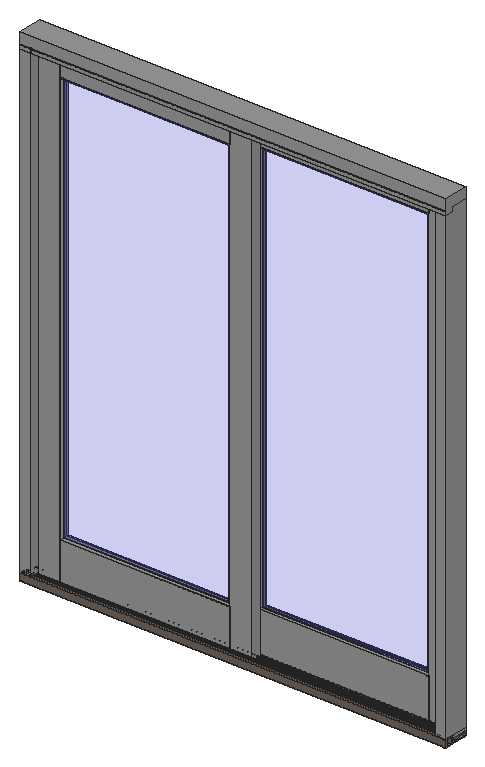
Revit family "VSDA1.8 RH", category Doors, host Wall, Revit 2015
Parameters (values of type "VSDA1.8 RH")
  Function = Interior
  Frame Projection Ext. = 25 mm
  Frame Projection Int. = 25 mm
  Frame Width = 75 mm
  Height = 2100 mm
  Wall Closure = By host
  Width = 1820 mm
Reference planes
  plane 1: y = 0
  plane 2 "Center (Left/Right)": x = 0
  plane 3 "Left": x = -910
  plane 4 "Right": x = 910
  plane 5: z = 2100
  plane 6 "Exterior": y = 75
  plane 7 "Interior": y = -75
Forms (mm)
  Extrusion 1, solid, material "Aluminium Cill (Bronze)"
    sketch origin (0, 79.18, -119.746) x (0, 1, 0) y (0, 0, 1)
      loop
        line (-26.68, 120.746) -> (-26.68, 135.746)
        arc (-26.68, 135.746) -> (-27.558, 137.867) -> (-29.68, 138.746) r 3
        line (-29.68, 138.746) -> (-40.947, 138.746)
        arc (-40.947, 138.746) -> (-42.68, 137.746) -> (-44.412, 138.746) r 2
        line (-44.412, 138.746) -> (-48.947, 138.746)
        arc (-48.947, 138.746) -> (-50.68, 137.746) -> (-52.412, 138.746) r 2
        line (-52.412, 138.746) -> (-56.947, 138.746)
        arc (-56.947, 138.746) -> (-58.68, 137.746) -> (-60.412, 138.746) r 2
        line (-60.412, 138.746) -> (-67.18, 138.746) -> (-67.18, 135.246)
        arc (-67.18, 135.246) -> (-67.619, 134.185) -> (-68.68, 133.746) r 1.5
        line (-68.68, 133.746) -> (-73.43, 133.746) -> (-73.43, 135.746) -> (-71.996, 135.746)
        arc (-71.996, 135.746) -> (-74.68, 138.746) -> (-77.363, 135.746) r 2.7
        line (-77.363, 135.746) -> (-75.93, 135.746) -> (-75.93, 133.746) -> (-80.68, 133.746)
        arc (-80.68, 133.746) -> (-81.74, 134.185) -> (-82.18, 135.246) r 1.5
        line (-82.18, 135.246) -> (-82.18, 138.746) -> (-90.432, 138.746) -> (-98.68, 138.746) -> (-98.68, 143.746)
        arc (-98.68, 143.746) -> (-99.18, 144.246) -> (-99.68, 143.746) r 0.5
        line (-99.68, 143.746) -> (-99.68, 142.734) -> (-100.88, 142.734) -> (-100.88, 150.246) -> (-99.68, 150.246) -> (-99.68, 149.246)
        arc (-99.68, 149.246) -> (-99.18, 148.746) -> (-98.68, 149.246) r 0.5
        line (-98.68, 149.246) -> (-98.68, 150.746)
        arc (-98.68, 150.746) -> (-98.972, 151.453) -> (-99.68, 151.746) r 1
        line (-99.68, 151.746) -> (-109.447, 151.746)
        arc (-109.447, 151.746) -> (-111.18, 150.746) -> (-112.912, 151.746) r 2
        line (-112.912, 151.746) -> (-117.447, 151.746)
        arc (-117.447, 151.746) -> (-119.18, 150.746) -> (-120.912, 151.746) r 2
        line (-120.912, 151.746) -> (-130.68, 151.746)
        arc (-130.68, 151.746) -> (-131.387, 151.453) -> (-131.68, 150.746) r 1
        line (-131.68, 150.746) -> (-131.68, 120.746)
        arc (-131.68, 120.746) -> (-131.387, 120.039) -> (-130.68, 119.746) r 1
        line (-130.68, 119.746) -> (-27.68, 119.746)
        arc (-27.68, 119.746) -> (-26.972, 120.039) -> (-26.68, 120.746) r 1
      loop
        line (-29.68, 137.246) -> (-40.23, 137.246)
        arc (-40.23, 137.246) -> (-42.68, 136.246) -> (-45.129, 137.246) r 3.5
        line (-45.129, 137.246) -> (-48.23, 137.246)
        arc (-48.23, 137.246) -> (-50.68, 136.246) -> (-53.129, 137.246) r 3.5
        line (-53.129, 137.246) -> (-56.23, 137.246)
        arc (-56.23, 137.246) -> (-58.68, 136.246) -> (-61.129, 137.246) r 3.5
        line (-61.129, 137.246) -> (-65.68, 137.246) -> (-65.68, 135.246)
        arc (-65.68, 135.246) -> (-66.558, 133.125) -> (-68.68, 132.246) r 3
        line (-68.68, 132.246) -> (-73.93, 132.246) -> (-73.93, 121.246) -> (-28.18, 121.246) -> (-28.18, 135.746)
        arc (-28.18, 135.746) -> (-28.619, 136.807) -> (-29.68, 137.246) r 1.5
      loop
        line (-75.43, 132.246) -> (-80.68, 132.246)
        arc (-80.68, 132.246) -> (-82.801, 133.125) -> (-83.68, 135.246) r 3
        line (-83.68, 135.246) -> (-83.68, 137.246) -> (-98.68, 137.246) -> (-98.68, 121.246) -> (-75.43, 121.246) -> (-75.43, 132.246)
      loop
        line (-100.18, 121.246) -> (-100.18, 141.246) -> (-102.38, 141.246) -> (-102.38, 150.246) -> (-108.73, 150.246)
        arc (-108.73, 150.246) -> (-111.18, 149.246) -> (-113.629, 150.246) r 3.5
        line (-113.629, 150.246) -> (-116.73, 150.246)
        arc (-116.73, 150.246) -> (-119.18, 149.246) -> (-121.629, 150.246) r 3.5
        line (-121.629, 150.246) -> (-130.18, 150.246) -> (-130.18, 121.246) -> (-100.18, 121.246)
    from -910 to 910
  Extrusion 2, solid, material "Lauan, Meranti"
    sketch origin (0, 0, 0) x (0, 1, 0) y (0, 0, 1)
      loop
        line (52.5, 2100) -> (-52.5, 2100) -> (-52.5, 2055) -> (-49.5, 2055) -> (-49.5, 2052) -> (-52.5, 2052) -> (-52.5, 2035) -> (-20.5, 2035) -> (-20.5, 2038.5) -> (-27.5, 2038.5) -> (-27.5, 2041.5) -> (-20.5, 2041.5) -> (-20.5, 2055) -> (32.5, 2055) -> (32.5, 2057) -> (52.5, 2057) -> (52.5, 2100)
    from -910 to 910
  Extrusion 3, solid, material "Lauan, Meranti"
    sketch origin (0, 0, 0) x (1, 0, 0) y (0, 1, 0)
      loop
        line (-910, 52.5) -> (-910, -52.5) -> (-865, -52.5) -> (-865, 32.5) -> (-867, 32.5) -> (-867, 52.5) -> (-910, 52.5)
      loop
        line (910, 52.5) -> (867, 52.5) -> (867, 32.5) -> (865, 32.5) -> (865, -52.5) -> (910, -52.5) -> (910, 52.5)
    from 32 to 2057
  Extrusion 4, solid, material "Lauan, Meranti"
    sketch origin (0, 0, 0) x (1, 0, 0) y (0, 1, 0)
      loop
        line (-845, 32.5) -> (-845, 52.5) -> (-864, 52.5) -> (-864, 49.5) -> (-867, 49.5) -> (-867, 32.5) -> (-851.5, 32.5) -> (-851.5, 39.5) -> (-848.5, 39.5) -> (-848.5, 32.5) -> (-845, 32.5)
    from 2035 to 19
  Extrusion 5, solid, material "Lauan, Meranti"
    sketch origin (0, 0, 0) x (0, 1, 0) y (0, 0, 1)
      loop
        line (52.5, 2054) -> (49.5, 2054) -> (49.5, 2057) -> (32.5, 2057) -> (32.5, 2041.5) -> (39.5, 2041.5) -> (39.5, 2038.5) -> (32.5, 2038.5) -> (32.5, 2035) -> (52.5, 2035) -> (52.5, 2054)
    from -867 to -52.5
  Extrusion 6, solid, material "Lauan, Meranti"
    sketch origin (0, 0, 0) x (1, 0, 0) y (0, 1, 0)
      loop
        line (-910, 52.5) -> (-910, -19.5) -> (-865, -19.5) -> (-865, 32.5) -> (-867, 32.5) -> (-867, 52.5) -> (-910, 52.5)
      loop
        line (910, 52.5) -> (867, 52.5) -> (867, 32.5) -> (865, 32.5) -> (865, -19.5) -> (910, -19.5) -> (910, 52.5)
    from 19 to 32
  Extrusion 7, solid, material "Lauan, Meranti"
    sketch origin (0, 148.121, 19) x (1, 0, 0) y (0, 1, 0)
      loop
        line (-769, -163.621) -> (-769, -161.621)
        arc (-769, -161.621) -> (-764.265, -160.061) -> (-762, -155.621) r 6.549
        line (-762, -155.621) -> (-760, -155.621) -> (-760, -153.621) -> (-769, -153.621) -> (-769, -123.621) -> (-865, -123.621) -> (-865, -163.621) -> (-769, -163.621)
      loop
        line (-43.5, -163.621) -> (52.5, -163.621) -> (52.5, -123.621) -> (-43.5, -123.621) -> (-43.5, -153.621) -> (-52.5, -153.621) -> (-52.5, -155.621) -> (-50.5, -155.621)
        arc (-50.5, -155.621) -> (-48.235, -160.061) -> (-43.5, -161.621) r 6.549
        line (-43.5, -161.621) -> (-43.5, -163.621)
      loop
        line (43.5, -117.121) -> (43.5, -115.121)
        arc (43.5, -115.121) -> (48.235, -113.561) -> (50.5, -109.121) r 6.549
        line (50.5, -109.121) -> (52.5, -109.121) -> (52.5, -107.121) -> (43.5, -107.121) -> (43.5, -77.121) -> (-52.5, -77.121) -> (-52.5, -117.121) -> (43.5, -117.121)
      loop
        line (769, -117.121) -> (865, -117.121) -> (865, -77.121) -> (769, -77.121) -> (769, -107.121) -> (760, -107.121) -> (760, -109.121) -> (762, -109.121)
        arc (762, -109.121) -> (764.265, -113.561) -> (769, -115.121) r 6.549
        line (769, -115.121) -> (769, -117.121)
    from 0 to 2036
  Extrusion 8, solid, material "Lauan, Meranti"
    sketch origin (0, 0, 0) x (0, 1, 0) y (0, 0, 1)
      loop
        line (-15.5, 190) -> (-15.5, 19) -> (24.5, 19) -> (24.5, 190) -> (-5.5, 190) -> (-5.5, 199) -> (-7.5, 199) -> (-7.5, 197)
        arc (-7.5, 197) -> (-11.866, 194.67) -> (-13.5, 190) r 6.807
        line (-13.5, 190) -> (-15.5, 190)
      loop
        line (-7.5, 1952) -> (-7.5, 1950) -> (-5.5, 1950) -> (-5.5, 1959) -> (24.5, 1959) -> (24.5, 2055) -> (-15.5, 2055) -> (-15.5, 1959) -> (-13.5, 1959)
        arc (-13.5, 1959) -> (-11.866, 1954.33) -> (-7.5, 1952) r 6.807
    from -769 to -43.5
  Extrusion 9, solid, material "Lauan, Meranti"
    sketch origin (1020, 46.5, 0) x (0, 1, 0) y (0, 0, 1)
      loop
        line (-15.5, 190) -> (-15.5, 19) -> (24.5, 19) -> (24.5, 190) -> (-5.5, 190) -> (-5.5, 199) -> (-7.5, 199) -> (-7.5, 197)
        arc (-7.5, 197) -> (-11.866, 194.67) -> (-13.5, 190) r 6.807
        line (-13.5, 190) -> (-15.5, 190)
      loop
        line (-7.5, 1952) -> (-7.5, 1950) -> (-5.5, 1950) -> (-5.5, 1959) -> (24.5, 1959) -> (24.5, 2055) -> (-15.5, 2055) -> (-15.5, 1959) -> (-13.5, 1959)
        arc (-13.5, 1959) -> (-11.866, 1954.33) -> (-7.5, 1952) r 6.807
    from -976.5 to -251
  Sweep 10, solid, material "Lauan, Meranti"
    path origin (255.605, -75, -781.763) x (1, 0, 0) y (0, 0, 1)
      loop
        line (-212.105, 2740.763) -> (-212.105, 971.763) -> (513.395, 971.763) -> (513.395, 2740.763) -> (-212.105, 2740.763)
    profile origin (406.25, -75, 1959) x (0, 0, 1) y (0, -1, 0)
      loop
        line (-9, -124.5) -> (-9, -126.5) -> (-7, -126.5)
        arc (-7, -126.5) -> (-4.67, -130.866) -> (0, -132.5) r 6.807
        line (0, -132.5) -> (0, -124.5) -> (-9, -124.5)
  Extrusion 11, solid, material "Glass"
    sketch origin (528.125, -64.05, -73.649) x (1, 0, 0) y (0, 0, 1)
      loop
        line (-484.625, 2032.649) -> (-484.625, 263.649) -> (240.875, 263.649) -> (240.875, 2032.649) -> (-484.625, 2032.649)
    from -112.5 to -106.1
  Sweep 12, solid, material "Lauan, Meranti"
    path origin (-436.503, -75, -980.222) x (1, 0, 0) y (0, 0, 1)
      loop
        line (-332.497, 2939.222) -> (-332.497, 1170.222) -> (393.003, 1170.222) -> (393.003, 2939.222) -> (-332.497, 2939.222)
    profile origin (-406.25, -75, 1959) x (0, 0, 1) y (0, -1, 0)
      loop
        line (-9, -78) -> (-9, -80) -> (-7, -80)
        arc (-7, -80) -> (-4.67, -84.366) -> (0, -86) r 6.807
        line (0, -86) -> (0, -78) -> (-9, -78)
  Extrusion 13, solid, material "Glass"
    sketch origin (-77.007, -110.55, 134.714) x (1, 0, 0) y (0, 0, 1)
      loop
        line (-691.993, 1824.286) -> (-691.993, 55.286) -> (33.507, 55.286) -> (33.507, 1824.286) -> (-691.993, 1824.286)
    from -112.5 to -106.1
Lines and regions (mm)
  Opening 1
    outline origin (-3050, -75, 0) x (1, 0, 0) y (0, 0, 1)
      loop
        line (2140, 0) -> (3960, 0) -> (3960, 2100) -> (2140, 2100) -> (2140, 0)
  model lines
    curve 1: line (-650, 99.5, 1050) -> (-309.078, 99.5, 1050)
    curve 2: line (-170, 99.5, 1050) -> (-309.078, 99.5, 1106.191)
    curve 3: line (-309.078, 99.5, 1106.191) -> (-309.078, 99.5, 993.809)
    curve 4: line (-170, 99.5, 1050) -> (-309.078, 99.5, 993.809)
Text (mm)
  text "Exterior" at (-2295.016, 1099.543, 0), in view "Ref. Level"
  text "Exterior" at (0, 1615.38, 3698.081), in view "Left"
  text "Exterior" at (0, 1036.032, 3874.932), in view "Right"
Dimensions and locks
  equal spacing: plane 3 "Left", plane 2 "Center (Left/Right)", plane 4 "Right"
  "Width": plane 3 "Left" to plane 4 "Right"
  "Height": plane 5 to host wall
  host wall to plane 5 = 2100 mm  (x2)
  locked: plane 6 "Exterior" to host wall at 0
  locked: plane 7 "Interior" to host wall
  plane 3 "Left" to plane 4 "Right" = 1820 mm
  host wall to host wall = 3700 mm
  aligned and locked: plane 3 "Left" to Opening 1 sketch curve
  aligned and locked: plane 5 to Opening 1 sketch curve  (x2)
  aligned and locked: Opening 1 sketch curve to plane 4 "Right"
  aligned and locked: Opening 1 sketch curve to level
  aligned and locked: plane 1 to host wall
  aligned and locked: Extrusion 1 to host wall  (x2)
  aligned and locked: Extrusion 2 to host wall  (x2)
  aligned and locked: Extrusion 6 to Extrusion 1  (x2)
  aligned and locked: Extrusion 4 to Extrusion 1
  aligned and locked: Extrusion 3 to Extrusion 1
  aligned and locked: Extrusion 3 to Extrusion 2
  aligned and locked: Extrusion 7 to Extrusion 2
  aligned and locked: Extrusion 5 to Extrusion 7
  aligned and locked: Extrusion 5 to Extrusion 3
  aligned and locked: Extrusion 4 to Extrusion 2
  aligned and locked: Extrusion 8 to Extrusion 7  (x2)
  aligned and locked: Extrusion 9 to Extrusion 7  (x2)
  aligned and locked: Sweep 10 sketch curve to Extrusion 9  (x2)
  aligned and locked: Extrusion 7 to Sweep 10 sketch curve  (x2)
  aligned and locked: Extrusion 11 to Extrusion 7  (x2)
  aligned and locked: Extrusion 11 to Extrusion 8
  aligned and locked: Extrusion 8 to Extrusion 11
  aligned and locked: Extrusion 8 to Sweep 12 sketch curve  (x2)
  aligned and locked: Extrusion 7 to Sweep 12 sketch curve  (x2)
Automatic sketch dimensions
  Extrusion 1 sketch curve to level = 0 mm
  level to Extrusion 1 sketch curve = 1 mm
  Extrusion 1 sketch curve to host wall = 22.5 mm
  Extrusion 1 sketch curve to Extrusion 1 sketch curve = 1 mm  (x7)
  Extrusion 1 sketch curve to Extrusion 1 sketch curve = 0.5 mm  (x8)
  Extrusion 1 sketch curve to Extrusion 1 sketch curve = 8.551 mm
  Extrusion 1 sketch curve to Extrusion 1 sketch curve = 0.717 mm  (x10)
  Extrusion 1 sketch curve to Extrusion 1 sketch curve = 1.732 mm  (x10)
  Extrusion 1 sketch curve to Extrusion 1 sketch curve = 0 mm  (x26)
  Extrusion 1 sketch curve to Extrusion 1 sketch curve = 3.101 mm  (x3)
  Extrusion 1 sketch curve to Extrusion 1 sketch curve = 6.351 mm
  Extrusion 1 sketch curve to Extrusion 1 sketch curve = 1.5 mm  (x15)
  Extrusion 1 sketch curve to Extrusion 1 sketch curve = 0.7 mm
  level to Extrusion 1 sketch curve = 1.5 mm  (x3)
  Extrusion 1 sketch curve to Extrusion 1 sketch curve = 1.2 mm  (x2)
  Extrusion 1 sketch curve to Extrusion 1 sketch curve = 8.248 mm
  host wall to Extrusion 1 sketch curve = 4.5 mm
  host wall to Extrusion 1 sketch curve = 1.5 mm  (x2)
  Extrusion 1 sketch curve to host wall = 1.817 mm
  Extrusion 1 sketch curve to Extrusion 1 sketch curve = 1.433 mm  (x3)
  Extrusion 1 sketch curve to host wall = 3.75 mm
  Extrusion 1 sketch curve to Extrusion 1 sketch curve = 1.25 mm  (x2)
  Extrusion 1 sketch curve to Extrusion 1 sketch curve = 3.317 mm
  Extrusion 1 sketch curve to Extrusion 1 sketch curve = 4.551 mm
  Extrusion 1 sketch curve to Extrusion 1 sketch curve = 10.551 mm
  Extrusion 1 sketch curve to Extrusion 1 sketch curve = 11 mm
  Extrusion 1 sketch curve to Extrusion 1 sketch curve = 14.5 mm
  Extrusion 1 sketch curve to Extrusion 1 sketch curve = 2 mm  (x4)
  Extrusion 1 sketch curve to Extrusion 1 sketch curve = 0.3 mm
  Extrusion 1 sketch curve to Extrusion 1 sketch curve = 2.5 mm
  Extrusion 1 sketch curve to Extrusion 1 sketch curve = 1.488 mm
  Extrusion 1 sketch curve to Extrusion 1 sketch curve = 1.012 mm
  Extrusion 1 sketch curve to Extrusion 1 sketch curve = 5.5 mm
  plane 5 to Extrusion 2 sketch curve = 0 mm
  Extrusion 2 sketch curve to host wall = 22.5 mm
  Extrusion 2 sketch curve to Extrusion 2 sketch curve = 0 mm  (x2)
  Extrusion 2 sketch curve to Extrusion 2 sketch curve = 3 mm  (x3)
  Extrusion 2 sketch curve to Extrusion 2 sketch curve = 22 mm
  Extrusion 2 sketch curve to Extrusion 2 sketch curve = 7 mm  (x2)
  Extrusion 2 sketch curve to host wall = 32.5 mm
  Extrusion 2 sketch curve to Extrusion 2 sketch curve = 20 mm
  plane 5 to Extrusion 2 sketch curve = 43 mm
  plane 5 to Extrusion 2 sketch curve = 45 mm
  Extrusion 2 sketch curve to Extrusion 2 sketch curve = 13.5 mm
  Extrusion 2 sketch curve to Extrusion 2 sketch curve = 17 mm
  Extrusion 3 sketch curve to plane 3 "Left" = 0 mm
  Extrusion 3 sketch curve to plane 4 "Right" = 0 mm
  Extrusion 3 sketch curve to plane 3 "Left" = 43 mm
  Extrusion 3 sketch curve to Extrusion 3 sketch curve = 45 mm  (x2)
  Extrusion 3 sketch curve to Extrusion 3 sketch curve = 2 mm
  Extrusion 3 sketch curve to host wall = 22.5 mm  (x3)
  Extrusion 3 sketch curve to host wall = 32.5 mm  (x2)
  Extrusion 3 sketch curve to Extrusion 3 sketch curve = 20 mm
  Extrusion 4 sketch curve to plane 3 "Left" = 43 mm
  Extrusion 4 sketch curve to Extrusion 4 sketch curve = 3 mm  (x2)
  Extrusion 4 sketch curve to Extrusion 4 sketch curve = 15.5 mm
  Extrusion 4 sketch curve to Extrusion 4 sketch curve = 3.5 mm
  Extrusion 4 sketch curve to host wall = 32.5 mm
  Extrusion 4 sketch curve to Extrusion 4 sketch curve = 0 mm
  Extrusion 4 sketch curve to Extrusion 4 sketch curve = 7 mm
  Extrusion 4 sketch curve to Extrusion 4 sketch curve = 17 mm
  Extrusion 4 sketch curve to Extrusion 4 sketch curve = 13 mm
  Extrusion 5 sketch curve to host wall = 32.5 mm
  Extrusion 5 sketch curve to Extrusion 5 sketch curve = 0 mm
  Extrusion 5 sketch curve to Extrusion 5 sketch curve = 7 mm
  Extrusion 5 sketch curve to Extrusion 5 sketch curve = 17 mm
  Extrusion 5 sketch curve to Extrusion 5 sketch curve = 3 mm  (x3)
  plane 5 to Extrusion 5 sketch curve = 65 mm
  Extrusion 5 sketch curve to Extrusion 5 sketch curve = 3.5 mm
  Extrusion 5 sketch curve to Extrusion 5 sketch curve = 12.5 mm
  Extrusion 6 sketch curve to plane 3 "Left" = 0 mm
  Extrusion 6 sketch curve to plane 4 "Right" = 0 mm
  Extrusion 6 sketch curve to plane 3 "Left" = 43 mm
  host wall to Extrusion 6 sketch curve = 19.5 mm  (x2)
  Extrusion 6 sketch curve to plane 3 "Left" = 45 mm
  plane 4 "Right" to Extrusion 6 sketch curve = 45 mm
  Extrusion 6 sketch curve to Extrusion 6 sketch curve = 2 mm
  Extrusion 6 sketch curve to host wall = 32.5 mm  (x2)
  Extrusion 6 sketch curve to Extrusion 6 sketch curve = 20 mm  (x2)
  host wall to Extrusion 7 sketch curve = 15.5 mm  (x2)
  Extrusion 7 sketch curve to plane 3 "Left" = 45 mm
  Extrusion 7 sketch curve to Extrusion 7 sketch curve = 96 mm
  Extrusion 7 sketch curve to Extrusion 7 sketch curve = 0 mm  (x3)
  Extrusion 7 sketch curve to Extrusion 7 sketch curve = 0.473 mm  (x5)
  Extrusion 7 sketch curve to Extrusion 7 sketch curve = 6.527 mm  (x4)
  Extrusion 7 sketch curve to Extrusion 7 sketch curve = 2 mm  (x10)
  Extrusion 7 sketch curve to host wall = 4 mm  (x2)
  Extrusion 7 sketch curve to plane 2 "Center (Left/Right)" = 52.5 mm
  host wall to Extrusion 7 sketch curve = 7.5 mm  (x2)
  Extrusion 7 sketch curve to Extrusion 7 sketch curve = 9 mm  (x2)
  plane 2 "Center (Left/Right)" to Extrusion 7 sketch curve = 43.5 mm
  Extrusion 7 sketch curve to host wall = 36 mm
  plane 4 "Right" to Extrusion 7 sketch curve = 150 mm
  plane 4 "Right" to Extrusion 7 sketch curve = 45 mm
  Extrusion 7 sketch curve to Extrusion 7 sketch curve = 1.468 mm  (x2)
  Extrusion 7 sketch curve to host wall = 24.5 mm  (x2)
  Extrusion 7 sketch curve to Extrusion 7 sketch curve = 6.5 mm
  Extrusion 7 sketch curve to host wall = 31 mm
  Extrusion 7 sketch curve to Extrusion 7 sketch curve = 6 mm
  host wall to Extrusion 8 sketch curve = 15.5 mm  (x2)
  Extrusion 8 sketch curve to Extrusion 8 sketch curve = 2 mm  (x6)
  host wall to Extrusion 8 sketch curve = 7.5 mm  (x2)
  host wall to Extrusion 8 sketch curve = 6.697 mm  (x2)
  Extrusion 8 sketch curve to host wall = 24.5 mm  (x2)
  level to Extrusion 8 sketch curve = 19 mm
  Extrusion 8 sketch curve to Extrusion 8 sketch curve = 171 mm
  Extrusion 8 sketch curve to Extrusion 8 sketch curve = 0 mm
  Extrusion 8 sketch curve to Extrusion 8 sketch curve = 0.241 mm  (x2)
  plane 5 to Extrusion 8 sketch curve = 150 mm
  Extrusion 8 sketch curve to Extrusion 8 sketch curve = 6.759 mm
  plane 5 to Extrusion 8 sketch curve = 45 mm
  Extrusion 9 sketch curve to host wall = 31 mm  (x2)
  Extrusion 9 sketch curve to Extrusion 9 sketch curve = 2 mm  (x6)
  Extrusion 9 sketch curve to Extrusion 9 sketch curve = 6 mm  (x2)
  Extrusion 9 sketch curve to Extrusion 9 sketch curve = 0.803 mm
  Extrusion 9 sketch curve to Extrusion 9 sketch curve = 6.803 mm
  Extrusion 9 sketch curve to host wall = 4 mm  (x2)
  level to Extrusion 9 sketch curve = 19 mm
  Extrusion 9 sketch curve to Extrusion 9 sketch curve = 171 mm
  Extrusion 9 sketch curve to Extrusion 9 sketch curve = 0 mm
  Extrusion 9 sketch curve to Extrusion 9 sketch curve = 0.241 mm  (x2)
  plane 5 to Extrusion 9 sketch curve = 150 mm
  Extrusion 9 sketch curve to Extrusion 9 sketch curve = 6.759 mm
  plane 5 to Extrusion 9 sketch curve = 45 mm
  profile plane to Sweep 10 sketch curve = 0 mm
  profile plane to Sweep 10 sketch curve = 0.241 mm
  Sweep 10 sketch curve to Sweep 10 sketch curve = 6.759 mm
  Sweep 10 sketch curve to Sweep 10 sketch curve = 2 mm  (x2)
  Sweep 10 sketch curve to profile plane = 132.5 mm
  Sweep 10 sketch curve to Sweep 10 sketch curve = 6 mm
  plane 2 "Center (Left/Right)" to Extrusion 11 sketch curve = 43.5 mm
  plane 4 "Right" to Extrusion 11 sketch curve = 141 mm
  level to Extrusion 11 sketch curve = 190 mm
  plane 5 to Extrusion 11 sketch curve = 141 mm
  profile plane to Sweep 12 sketch curve = 0 mm
  profile plane to Sweep 12 sketch curve = 0.241 mm
  Sweep 12 sketch curve to Sweep 12 sketch curve = 6.759 mm
  Sweep 12 sketch curve to Sweep 12 sketch curve = 2 mm  (x2)
  Sweep 12 sketch curve to profile plane = 86 mm
  Sweep 12 sketch curve to Sweep 12 sketch curve = 6 mm
  curve 4 to plane 2 "Center (Left/Right)" = 309.078 mm
  curve 1 to curve 4 = 139.078 mm
  level to curve 4 = 993.809 mm
  curve 3 to curve 2 = 56.191 mm
  curve 3 to curve 3 = 112.382 mm
  curve 1 to plane 3 "Left" = 260 mm
  curve 1 to curve 2 = 56.191 mm
  Extrusion 13 sketch curve to plane 3 "Left" = 141 mm
  Extrusion 13 sketch curve to plane 2 "Center (Left/Right)" = 43.5 mm
  level to Extrusion 13 sketch curve = 190 mm
  plane 5 to Extrusion 13 sketch curve = 141 mm
